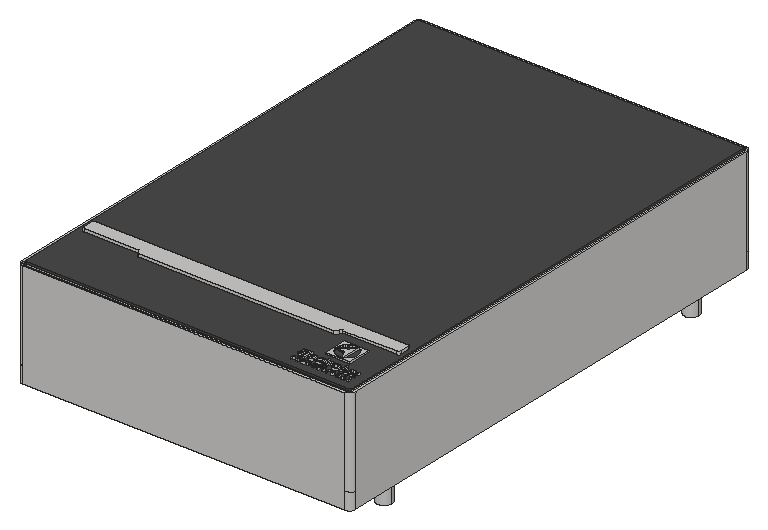
Revit family "QF_ELECTROLUXPROFESSIONAL_600877_E1HDEEOMCS", category Specialty Equipment, Revit 2018
Family settings
  Round Connector Dimension = Use Diameter
  Part Type = Normal
  Work Plane-Based = No
  Always vertical = Yes
  Cut with Voids When Loaded = No
  Shared = No
  Room Calculation Point = No
Parameters
  Watts = 0 W
  Volts = 0 V
  URL = ""
  Steam Supply Size = 0 mm
  Steam Supply Minimum Pressure = 0.0 Pa
  Steam Supply Maximum Pressure = 0.0 Pa
  Steam Pounds per Hour = 0
  Show logo [instance] = yes
  Manufacturer = ""
  Phase = 0
  Model = ""
  Item Number = ""
  Hot Water Size = 0 mm
  HP = "4.7 HP"
  Gas Size = 0 mm
  Gas KW = 0
  Direct Waste Size = 0 mm
  Description = ""
  Cycle = 0 Hz
  Condensate Return Size = 0 mm
  Compressed Air Volume = 0.0 L/s
  Compressed Air Size = 0 mm
  Compressed Air Pressure = 0.0 Pa
  Cold Water Size = 0 mm
Reference planes
  plane 1 "Centro (Fronte/Retro)": y = 74.737
  plane 2: z = 0
  plane 3: x = -514.269
  plane 4 "LEFT": x = -714.269
  plane 5 "RIGHT": x = -314.269
  plane 6 "BACK": y = 374.737
  plane 7 "FRONT": y = -225.263
  plane 8: x = -712.269
  plane 9: y = 372.737
  plane 10: x = -316.269
  plane 11: y = -223.263
  plane 12: y = -124.263
  plane 13: x = -698.269
  plane 14: x = -330.269
  plane 15: y = 304.737
  plane 16: y = -155.263
  plane 17: x = -442.269
  plane 18: y = 179.737
  plane 19: z = 764
Forms (mm)
  Extrusion 1, solid, material "QF_Finishes_Stainless Steel"
    sketch origin (0, 0, 788) x (1, 0, 0) y (0, 1, 0)
      loop
        arc (-707.269, 374.737) -> (-712.218, 372.687) -> (-714.269, 367.737) r 7
        line (-714.269, 367.737) -> (-714.269, -218.263)
        arc (-714.269, -218.263) -> (-712.218, -223.213) -> (-707.269, -225.263) r 7
        line (-707.269, -225.263) -> (-321.269, -225.263)
        arc (-321.269, -225.263) -> (-316.319, -223.213) -> (-314.269, -218.263) r 7
        line (-314.269, -218.263) -> (-314.269, 367.737)
        arc (-314.269, 367.737) -> (-316.319, 372.687) -> (-321.269, 374.737) r 7
        line (-321.269, 374.737) -> (-707.269, 374.737)
    from 0 to 20
  Extrusion 2, solid, material "QF_Finishes_Stainless Steel"
    sketch origin (0, 0, 788) x (1, 0, 0) y (0, 1, 0)
      loop
        line (-321.269, 374.737) -> (-707.269, 374.737)
        arc (-707.269, 374.737) -> (-712.218, 372.687) -> (-714.269, 367.737) r 7
        line (-714.269, 367.737) -> (-714.269, -218.263)
        arc (-714.269, -218.263) -> (-712.218, -223.213) -> (-707.269, -225.263) r 7
        line (-707.269, -225.263) -> (-321.269, -225.263)
        arc (-321.269, -225.263) -> (-316.319, -223.213) -> (-314.269, -218.263) r 7
        line (-314.269, -218.263) -> (-314.269, 367.737)
        arc (-314.269, 367.737) -> (-316.319, 372.687) -> (-321.269, 374.737) r 7
      loop
        arc (-707.269, 372.737) -> (-710.804, 371.273) -> (-712.269, 367.737) r 5
        line (-712.269, 367.737) -> (-712.269, -218.263)
        arc (-712.269, -218.263) -> (-710.804, -221.798) -> (-707.269, -223.263) r 5
        line (-707.269, -223.263) -> (-321.269, -223.263)
        arc (-321.269, -223.263) -> (-317.733, -221.798) -> (-316.269, -218.263) r 5
        line (-316.269, -218.263) -> (-316.269, 367.737)
        arc (-316.269, 367.737) -> (-317.733, 371.273) -> (-321.269, 372.737) r 5
        line (-321.269, 372.737) -> (-707.269, 372.737)
    from 20 to 126
  Extrusion 3, solid, material "QF_Finishes_Black"
    sketch origin (0, 0, 914) x (-1, 0, 0) y (0, -1, 0)
      loop
        arc (707.269, -369.737) -> (708.683, -369.151) -> (709.269, -367.737) r 2
        line (709.269, -367.737) -> (709.269, 218.263)
        arc (709.269, 218.263) -> (708.683, 219.677) -> (707.269, 220.263) r 2
        line (707.269, 220.263) -> (321.269, 220.263)
        arc (321.269, 220.263) -> (319.854, 219.677) -> (319.269, 218.263) r 2
        line (319.269, 218.263) -> (319.269, -367.737)
        arc (319.269, -367.737) -> (319.854, -369.151) -> (321.269, -369.737) r 2
        line (321.269, -369.737) -> (707.269, -369.737)
    from 0 to 2
  Extrusion 4, solid, material "QF_Finishes_Stainless Steel"
    sketch origin (0, 0, 914) x (-1, 0, 0) y (0, -1, 0)
      loop
        arc (701.269, 124.263) -> (703.39, 125.142) -> (704.269, 127.263) r 3
        line (704.269, 127.263) -> (704.269, 137.763)
        arc (704.269, 137.763) -> (703.39, 139.884) -> (701.269, 140.763) r 3
        line (701.269, 140.763) -> (637.269, 140.763)
        arc (637.269, 140.763) -> (635.147, 141.642) -> (634.269, 143.763) r 3
        arc (634.269, 143.763) -> (633.39, 145.884) -> (631.269, 146.763) r 3
        line (631.269, 146.763) -> (397.269, 146.763)
        arc (397.269, 146.763) -> (395.147, 145.884) -> (394.269, 143.763) r 3
        arc (394.269, 143.763) -> (393.39, 141.642) -> (391.269, 140.763) r 3
        line (391.269, 140.763) -> (327.269, 140.763)
        arc (327.269, 140.763) -> (325.147, 139.884) -> (324.269, 137.763) r 3
        line (324.269, 137.763) -> (324.269, 127.263)
        arc (324.269, 127.263) -> (325.147, 125.142) -> (327.269, 124.263) r 3
        line (327.269, 124.263) -> (701.269, 124.263)
    from 2 to 5
  Extrusion 5, solid, material "QF_Finishes_Stainless Steel"
    sketch origin (0, 0, 140) x (-1, 0, 0) y (0, -1, 0)
      loop
        circle (698.269, -304.737) r 9
      loop
        circle (330.269, -304.737) r 9
      loop
        circle (698.269, 155.263) r 9
      loop
        circle (330.269, 155.263) r 9
    from 624 to 648
  Extrusion 6, solid, material "QF_Finishes_Stainless Steel"
    sketch origin (0, 0, 140) x (-1, 0, 0) y (0, -1, 0)
      loop
        circle (442.269, -179.737) r 10
    from 638.028 to 648
Cuts and joins
  joined: Extrusion 1, Extrusion 2
Lines and regions (mm)
  Split face 1
    outline origin (0, 0, 916) x (-1, 0, 0) y (0, -1, 0)
      loop
        line (324.269, 124.263) -> (324.269, -364.737) -> (704.269, -364.737) -> (704.269, 124.263) -> (324.269, 124.263)
  Split face 2
    outline origin (0, 0, 916) x (-1, 0, 0) y (0, -1, 0)
      loop
        circle (514.269, -120.237) r 139
  symbolic lines
    curve 1: line (-321.269, 374.737, 126) -> (-707.269, 374.737, 126)
    curve 2: arc (-707.269, 374.737, 126) -> (-712.218, 372.687, 126) -> (-714.269, 367.737, 126) r 7
    curve 3: line (-714.269, 367.737, 126) -> (-714.269, -218.263, 126)
    curve 4: arc (-714.269, -218.263, 126) -> (-712.218, -223.213, 126) -> (-707.269, -225.263, 126) r 7
    curve 5: line (-707.269, -225.263, 126) -> (-321.269, -225.263, 126)
    curve 6: arc (-321.269, -225.263, 126) -> (-316.319, -223.213, 126) -> (-314.269, -218.263, 126) r 7
    curve 7: line (-314.269, -218.263, 126) -> (-314.269, 367.737, 126)
    curve 8: arc (-314.269, 367.737, 126) -> (-316.319, 372.687, 126) -> (-321.269, 374.737, 126) r 7
    curve 9: line (-707.269, 372.737, 126) -> (-321.269, 372.737, 126)
    curve 10: arc (-321.269, 372.737, 126) -> (-317.733, 371.273, 126) -> (-316.269, 367.737, 126) r 5
    curve 11: line (-316.269, 367.737, 126) -> (-316.269, -218.263, 126)
    curve 12: arc (-316.269, -218.263, 126) -> (-317.733, -221.798, 126) -> (-321.269, -223.263, 126) r 5
    curve 13: line (-321.269, -223.263, 126) -> (-707.269, -223.263, 126)
    curve 14: arc (-707.269, -223.263, 126) -> (-710.804, -221.798, 126) -> (-712.269, -218.263, 126) r 5
    curve 15: line (-712.269, -218.263, 126) -> (-712.269, 367.737, 126)
    curve 16: arc (-712.269, 367.737, 126) -> (-710.804, 371.273, 126) -> (-707.269, 372.737, 126) r 5
    curve 17: arc (-375.269, 120.237, 126) -> (-514.269, 259.237, 126) -> (-653.269, 120.237, 126) r 139
    curve 18: arc (-653.269, 120.237, 126) -> (-514.269, -18.763, 126) -> (-375.269, 120.237, 126) r 139
    curve 19: line (-631.269, -146.763, 126) -> (-397.269, -146.763, 126)
    curve 20: arc (-397.269, -146.763, 126) -> (-395.147, -145.884, 126) -> (-394.269, -143.763, 126) r 3
    curve 21: arc (-394.269, -143.763, 126) -> (-393.39, -141.642, 126) -> (-391.269, -140.763, 126) r 3
    curve 22: line (-391.269, -140.763, 126) -> (-327.269, -140.763, 126)
    curve 23: arc (-327.269, -140.763, 126) -> (-325.147, -139.884, 126) -> (-324.269, -137.763, 126) r 3
    curve 24: line (-324.269, -137.763, 126) -> (-324.269, -127.263, 126)
    curve 25: arc (-324.269, -127.263, 126) -> (-325.147, -125.142, 126) -> (-327.269, -124.263, 126) r 3
    curve 26: line (-324.269, -124.263, 126) -> (-704.269, -124.263, 126)
    curve 27: arc (-701.269, -124.263, 126) -> (-703.39, -125.142, 126) -> (-704.269, -127.263, 126) r 3
    curve 28: line (-704.269, -127.263, 126) -> (-704.269, -137.763, 126)
    curve 29: arc (-704.269, -137.763, 126) -> (-703.39, -139.884, 126) -> (-701.269, -140.763, 126) r 3
    curve 30: line (-701.269, -140.763, 126) -> (-637.269, -140.763, 126)
    curve 31: arc (-637.269, -140.763, 126) -> (-635.147, -141.642, 126) -> (-634.269, -143.763, 126) r 3
    curve 32: arc (-634.269, -143.763, 126) -> (-633.39, -145.884, 126) -> (-631.269, -146.763, 126) r 3
    curve 33: line (-704.269, 364.737, 126) -> (-704.269, -124.263, 126)
    curve 34: line (-324.269, -124.263, 126) -> (-324.269, 364.737, 126)
    curve 35: line (-324.269, 364.737, 126) -> (-704.269, 364.737, 126)
    curve 36: line (-319.269, -218.263, 126) -> (-319.269, 367.737, 126)
    curve 37: arc (-319.269, 367.737, 126) -> (-319.854, 369.151, 126) -> (-321.269, 369.737, 126) r 2
    curve 38: line (-321.269, 369.737, 126) -> (-707.269, 369.737, 126)
    curve 39: arc (-707.269, 369.737, 126) -> (-708.683, 369.151, 126) -> (-709.269, 367.737, 126) r 2
    curve 40: line (-709.269, 367.737, 126) -> (-709.269, -218.263, 126)
    curve 41: arc (-709.269, -218.263, 126) -> (-708.683, -219.677, 126) -> (-707.269, -220.263, 126) r 2
    curve 42: line (-707.269, -220.263, 126) -> (-321.269, -220.263, 126)
    curve 43: arc (-321.269, -220.263, 126) -> (-319.854, -219.677, 126) -> (-319.269, -218.263, 126) r 2
    curve 44: line (-378.626, -153.452, 126) -> (-378.626, -182.168, 126)
    curve 45: line (-378.626, -182.168, 126) -> (-349.912, -182.168, 126)
    curve 46: line (-349.912, -182.168, 126) -> (-349.912, -153.452, 126)
    curve 47: line (-349.912, -153.452, 126) -> (-378.626, -153.452, 126)
    curve 48: line (-375.841, -162.424, 126) -> (-375.07, -161.023, 126)
    curve 49: line (-375.07, -161.023, 126) -> (-374.141, -159.732, 126)
    curve 50: line (-374.141, -159.732, 126) -> (-373.065, -158.564, 126)
    curve 51: line (-373.065, -158.564, 126) -> (-371.856, -157.535, 126)
    curve 52: line (-371.856, -157.535, 126) -> (-370.527, -156.661, 126)
    curve 53: line (-370.527, -156.661, 126) -> (-369.091, -155.954, 126)
    curve 54: line (-369.091, -155.954, 126) -> (-367.562, -155.431, 126)
    curve 55: line (-367.562, -155.431, 126) -> (-365.952, -155.107, 126)
    curve 56: arc (-365.952, -155.107, 126) -> (-363.752, -155.007, 126) -> (-361.567, -155.279, 126) r 13.008
    curve 57: arc (-361.567, -155.279, 126) -> (-361.815, -157.647, 126) -> (-362.651, -159.876, 126) r 9.395
    curve 58: line (-362.651, -159.876, 126) -> (-363.438, -161.245, 126)
    curve 59: line (-363.438, -161.245, 126) -> (-364.403, -162.507, 126)
    curve 60: line (-364.403, -162.507, 126) -> (-365.524, -163.648, 126)
    curve 61: line (-365.524, -163.648, 126) -> (-366.781, -164.654, 126)
    curve 62: line (-366.781, -164.654, 126) -> (-368.151, -165.509, 126)
    curve 63: line (-368.151, -165.509, 126) -> (-369.615, -166.2, 126)
    curve 64: line (-369.615, -166.2, 126) -> (-371.15, -166.712, 126)
    curve 65: line (-371.15, -166.712, 126) -> (-372.736, -167.029, 126)
    curve 66: line (-372.736, -167.029, 126) -> (-374.352, -167.138, 126)
    curve 67: line (-374.352, -167.138, 126) -> (-377.067, -167.138, 126)
    curve 68: line (-377.067, -167.138, 126) -> (-376.852, -165.495, 126)
    curve 69: line (-376.852, -165.495, 126) -> (-376.439, -163.92, 126)
    curve 70: line (-376.439, -163.92, 126) -> (-375.841, -162.424, 126)
    curve 71: line (-360.221, -179.969, 126) -> (-360.221, -155.646, 126)
    curve 72: line (-360.221, -155.646, 126) -> (-358.743, -156.237, 126)
    curve 73: line (-358.743, -156.237, 126) -> (-357.363, -157.003, 126)
    curve 74: line (-357.363, -157.003, 126) -> (-356.095, -157.931, 126)
    curve 75: line (-356.095, -157.931, 126) -> (-354.951, -159.007, 126)
    curve 76: line (-354.951, -159.007, 126) -> (-353.945, -160.217, 126)
    curve 77: line (-353.945, -160.217, 126) -> (-353.092, -161.548, 126)
    curve 78: line (-353.092, -161.548, 126) -> (-352.403, -162.986, 126)
    curve 79: line (-352.403, -162.986, 126) -> (-351.894, -164.517, 126)
    curve 80: line (-351.894, -164.517, 126) -> (-351.576, -166.128, 126)
    curve 81: line (-351.576, -166.128, 126) -> (-351.464, -167.804, 126)
    curve 82: line (-351.464, -167.804, 126) -> (-351.567, -169.456, 126)
    curve 83: line (-351.567, -169.456, 126) -> (-351.873, -171.047, 126)
    curve 84: line (-351.873, -171.047, 126) -> (-352.372, -172.563, 126)
    curve 85: line (-352.372, -172.563, 126) -> (-353.05, -173.992, 126)
    curve 86: line (-353.05, -173.992, 126) -> (-353.897, -175.319, 126)
    curve 87: line (-353.897, -175.319, 126) -> (-354.899, -176.532, 126)
    curve 88: line (-354.899, -176.532, 126) -> (-356.044, -177.617, 126)
    curve 89: line (-356.044, -177.617, 126) -> (-357.321, -178.56, 126)
    curve 90: line (-357.321, -178.56, 126) -> (-358.718, -179.349, 126)
    curve 91: line (-358.718, -179.349, 126) -> (-360.221, -179.969, 126)
    curve 92: line (-369.613, -169.43, 126) -> (-368.15, -170.12, 126)
    curve 93: line (-368.15, -170.12, 126) -> (-366.78, -170.975, 126)
    curve 94: line (-366.78, -170.975, 126) -> (-365.524, -171.98, 126)
    curve 95: line (-365.524, -171.98, 126) -> (-364.403, -173.12, 126)
    curve 96: line (-364.403, -173.12, 126) -> (-363.439, -174.381, 126)
    curve 97: line (-363.439, -174.381, 126) -> (-362.652, -175.748, 126)
    curve 98: arc (-362.652, -175.748, 126) -> (-361.85, -177.982, 126) -> (-361.568, -180.34, 126) r 10.532
    curve 99: arc (-361.568, -180.34, 126) -> (-362.906, -180.548, 126) -> (-364.258, -180.63, 126) r 14.39
    curve 100: line (-364.258, -180.63, 126) -> (-365.828, -180.532, 126)
    curve 101: line (-365.828, -180.532, 126) -> (-367.331, -180.252, 126)
    curve 102: line (-367.331, -180.252, 126) -> (-368.77, -179.801, 126)
    curve 103: line (-368.77, -179.801, 126) -> (-370.134, -179.191, 126)
    curve 104: line (-370.134, -179.191, 126) -> (-371.411, -178.434, 126)
    curve 105: line (-371.411, -178.434, 126) -> (-372.589, -177.541, 126)
    curve 106: line (-372.589, -177.541, 126) -> (-373.656, -176.525, 126)
    curve 107: line (-373.656, -176.525, 126) -> (-374.6, -175.397, 126)
    curve 108: line (-374.6, -175.397, 126) -> (-375.41, -174.168, 126)
    curve 109: line (-375.41, -174.168, 126) -> (-376.073, -172.852, 126)
    curve 110: line (-376.073, -172.852, 126) -> (-376.579, -171.46, 126)
    curve 111: line (-376.579, -171.46, 126) -> (-376.915, -170.003, 126)
    curve 112: line (-376.915, -170.003, 126) -> (-377.069, -168.493, 126)
    curve 113: line (-377.069, -168.493, 126) -> (-374.35, -168.493, 126)
    curve 114: line (-374.35, -168.493, 126) -> (-372.734, -168.602, 126)
    curve 115: line (-372.734, -168.602, 126) -> (-371.148, -168.919, 126)
    curve 116: line (-371.148, -168.919, 126) -> (-369.613, -169.43, 126)
    curve 117: arc (-399.495, -197.154, 126) -> (-398.466, -199.638, 126) -> (-395.982, -200.667, 126) r 3.513
    curve 118: line (-395.982, -200.667, 126) -> (-392.408, -200.667, 126)
    curve 119: line (-392.408, -200.667, 126) -> (-392.408, -198.85, 126)
    curve 120: line (-392.408, -198.85, 126) -> (-395.966, -198.85, 126)
    curve 121: arc (-395.966, -198.85, 126) -> (-397.094, -198.382, 126) -> (-397.562, -197.254, 126) r 1.596
    curve 122: line (-397.562, -197.254, 126) -> (-397.562, -195.74, 126)
    curve 123: line (-397.562, -195.74, 126) -> (-392.843, -195.74, 126)
    curve 124: line (-392.843, -195.74, 126) -> (-392.843, -193.917, 126)
    curve 125: line (-392.843, -193.917, 126) -> (-397.563, -193.917, 126)
    curve 126: line (-397.563, -193.917, 126) -> (-397.563, -191.264, 126)
    curve 127: line (-397.563, -191.264, 126) -> (-392.542, -191.264, 126)
    curve 128: line (-392.542, -191.264, 126) -> (-392.542, -189.445, 126)
    curve 129: line (-392.542, -189.445, 126) -> (-399.495, -189.445, 126)
    curve 130: line (-399.495, -189.445, 126) -> (-399.495, -193.353, 126)
    curve 131: line (-399.495, -193.353, 126) -> (-399.495, -197.154, 126)
    curve 132: line (-389.101, -189.455, 126) -> (-391.035, -189.455, 126)
    curve 133: line (-391.035, -189.455, 126) -> (-391.035, -194.76, 126)
    curve 134: line (-391.035, -194.76, 126) -> (-391.035, -200.681, 126)
    curve 135: line (-391.035, -200.681, 126) -> (-389.101, -200.681, 126)
    curve 136: line (-389.101, -200.681, 126) -> (-389.101, -194.721, 126)
    curve 137: line (-389.101, -194.721, 126) -> (-389.101, -189.455, 126)
    curve 138: arc (-380.394, -193.787, 126) -> (-383.654, -192.313, 126) -> (-386.913, -193.787, 126) r 4.34
    curve 139: arc (-386.913, -193.787, 126) -> (-387.819, -196.606, 126) -> (-386.913, -199.425, 126) r 4.838
    curve 140: arc (-386.913, -199.425, 126) -> (-383.498, -200.88, 126) -> (-380.082, -199.425, 126) r 4.737
    curve 141: line (-380.082, -199.425, 126) -> (-381.246, -198.293, 126)
    curve 142: arc (-381.246, -198.293, 126) -> (-383.382, -199.237, 126) -> (-385.517, -198.293, 126) r 2.888
    curve 143: arc (-385.517, -198.293, 126) -> (-385.841, -197.736, 126) -> (-385.905, -197.095, 126) r 1.527
    curve 144: line (-385.905, -197.095, 126) -> (-379.564, -197.095, 126)
    curve 145: arc (-379.564, -197.095, 126) -> (-379.672, -195.364, 126) -> (-380.394, -193.787, 126) r 4.757
    curve 146: line (-381.505, -195.736, 126) -> (-385.858, -195.736, 126)
    curve 147: arc (-385.858, -195.736, 126) -> (-385.043, -194.411, 126) -> (-383.56, -193.941, 126) r 2.23
    curve 148: arc (-383.56, -193.941, 126) -> (-382.221, -194.482, 126) -> (-381.505, -195.736, 126) r 2.201
    curve 149: arc (-372.029, -198.26, 126) -> (-376.639, -196.593, 126) -> (-372.029, -194.927, 126) r 2.606
    curve 150: line (-372.029, -194.927, 126) -> (-370.832, -193.681, 126)
    curve 151: arc (-370.832, -193.681, 126) -> (-378.564, -196.594, 126) -> (-370.832, -199.507, 126) r 4.415
    curve 152: line (-370.832, -199.507, 126) -> (-372.029, -198.26, 126)
    curve 153: line (-369.629, -193.481, 126) -> (-369.629, -197.299, 126)
    curve 154: arc (-369.629, -197.299, 126) -> (-368.592, -199.893, 126) -> (-365.911, -200.681, 126) r 3.196
    curve 155: line (-365.911, -200.681, 126) -> (-365.904, -198.864, 126)
    curve 156: arc (-365.904, -198.864, 126) -> (-367.239, -198.457, 126) -> (-367.699, -197.14, 126) r 1.542
    curve 157: line (-367.699, -197.14, 126) -> (-367.699, -194.319, 126)
    curve 158: line (-367.699, -194.319, 126) -> (-365.94, -194.319, 126)
    curve 159: line (-365.94, -194.319, 126) -> (-365.94, -192.562, 126)
    curve 160: line (-365.94, -192.562, 126) -> (-367.696, -192.562, 126)
    curve 161: line (-367.696, -192.562, 126) -> (-367.696, -189.455, 126)
    curve 162: line (-367.696, -189.455, 126) -> (-369.629, -189.455, 126)
    curve 163: line (-369.629, -189.455, 126) -> (-369.629, -193.481, 126)
    curve 164: arc (-359.402, -192.451, 126) -> (-361.13, -192.587, 126) -> (-362.397, -193.771, 126) r 2.627
    curve 165: line (-362.397, -193.771, 126) -> (-362.397, -192.563, 126)
    curve 166: line (-362.397, -192.563, 126) -> (-364.315, -192.563, 126)
    curve 167: line (-364.315, -192.563, 126) -> (-364.315, -196.541, 126)
    curve 168: line (-364.315, -196.541, 126) -> (-364.315, -200.681, 126)
    curve 169: line (-364.315, -200.681, 126) -> (-362.397, -200.681, 126)
    curve 170: line (-362.397, -200.681, 126) -> (-362.397, -196.412, 126)
    curve 171: arc (-362.397, -196.412, 126) -> (-361.445, -194.585, 126) -> (-359.402, -194.319, 126) r 2.229
    curve 172: line (-359.402, -194.319, 126) -> (-359.402, -192.451, 126)
    curve 173: arc (-350.248, -196.625, 126) -> (-354.668, -192.205, 126) -> (-359.088, -196.625, 126) r 4.42
    curve 174: arc (-359.088, -196.625, 126) -> (-354.668, -201.046, 126) -> (-350.248, -196.625, 126) r 4.42
    curve 175: arc (-357.176, -196.625, 126) -> (-354.668, -194.117, 126) -> (-352.16, -196.625, 126) r 2.508
    curve 176: arc (-352.16, -196.625, 126) -> (-354.668, -199.134, 126) -> (-357.176, -196.625, 126) r 2.508
    curve 177: line (-347.124, -189.454, 126) -> (-349.058, -189.454, 126)
    curve 178: line (-349.058, -189.454, 126) -> (-349.058, -194.566, 126)
    curve 179: line (-349.058, -194.566, 126) -> (-349.058, -200.682, 126)
    curve 180: line (-349.058, -200.682, 126) -> (-347.124, -200.682, 126)
    curve 181: line (-347.124, -200.682, 126) -> (-347.124, -194.643, 126)
    curve 182: line (-347.124, -194.643, 126) -> (-347.124, -189.454, 126)
    curve 183: line (-343.697, -192.562, 126) -> (-345.646, -192.562, 126)
    curve 184: line (-345.646, -192.562, 126) -> (-345.646, -194.915, 126)
    curve 185: line (-345.646, -194.915, 126) -> (-345.646, -197.715, 126)
    curve 186: arc (-345.646, -197.715, 126) -> (-341.931, -201.044, 126) -> (-338.204, -197.728, 126) r 3.745
    curve 187: line (-338.204, -197.728, 126) -> (-338.204, -194.915, 126)
    curve 188: line (-338.204, -194.915, 126) -> (-338.204, -192.562, 126)
    curve 189: line (-338.204, -192.562, 126) -> (-340.152, -192.562, 126)
    curve 190: line (-340.152, -192.562, 126) -> (-340.152, -197.299, 126)
    curve 191: arc (-340.152, -197.299, 126) -> (-341.925, -199.071, 126) -> (-343.697, -197.299, 126) r 1.772
    curve 192: line (-343.697, -197.299, 126) -> (-343.697, -192.562, 126)
    curve 193: line (-334.237, -196.397, 126) -> (-335.916, -198.735, 126)
    curve 194: line (-335.916, -198.735, 126) -> (-337.313, -200.682, 126)
    curve 195: line (-337.313, -200.682, 126) -> (-335.235, -200.682, 126)
    curve 196: line (-335.235, -200.682, 126) -> (-333.174, -197.813, 126)
    curve 197: line (-333.174, -197.813, 126) -> (-331.112, -200.682, 126)
    curve 198: line (-331.112, -200.682, 126) -> (-329.034, -200.682, 126)
    curve 199: line (-329.034, -200.682, 126) -> (-330.891, -198.085, 126)
    curve 200: line (-330.891, -198.085, 126) -> (-332.11, -196.38, 126)
    curve 201: line (-332.11, -196.38, 126) -> (-330.601, -194.325, 126)
    curve 202: line (-330.601, -194.325, 126) -> (-329.308, -192.563, 126)
    curve 203: line (-329.308, -192.563, 126) -> (-331.418, -192.563, 126)
    curve 204: line (-331.418, -192.563, 126) -> (-333.174, -194.995, 126)
    curve 205: line (-333.174, -194.995, 126) -> (-334.946, -192.563, 126)
    curve 206: line (-334.946, -192.563, 126) -> (-337.039, -192.563, 126)
    curve 207: line (-337.039, -192.563, 126) -> (-335.839, -194.205, 126)
    curve 208: line (-335.839, -194.205, 126) -> (-334.237, -196.397, 126)
    curve 209: line (-399.467, -205.699, 126) -> (-399.467, -209.59, 126)
    curve 210: line (-399.467, -209.59, 126) -> (-398.667, -209.59, 126)
    curve 211: line (-398.667, -209.59, 126) -> (-398.667, -208.271, 126)
    curve 212: line (-398.667, -208.271, 126) -> (-397.697, -208.271, 126)
    curve 213: arc (-397.697, -208.271, 126) -> (-396.674, -206.863, 126) -> (-397.967, -205.699, 126) r 1.3
    curve 214: line (-397.967, -205.699, 126) -> (-399.467, -205.699, 126)
    curve 215: line (-398.667, -207.52, 126) -> (-398.667, -206.434, 126)
    curve 216: line (-398.667, -206.434, 126) -> (-397.861, -206.434, 126)
    curve 217: arc (-397.861, -206.434, 126) -> (-397.461, -206.977, 126) -> (-397.861, -207.52, 126) r 0.569
    curve 218: line (-397.861, -207.52, 126) -> (-398.667, -207.52, 126)
    curve 219: line (-393.389, -205.699, 126) -> (-393.389, -209.59, 126)
    curve 220: line (-393.389, -209.59, 126) -> (-392.589, -209.59, 126)
    curve 221: line (-392.589, -209.59, 126) -> (-392.589, -208.249, 126)
    curve 222: line (-392.589, -208.249, 126) -> (-391.763, -208.249, 126)
    curve 223: line (-391.763, -208.249, 126) -> (-390.957, -209.59, 126)
    curve 224: line (-390.957, -209.59, 126) -> (-390.05, -209.59, 126)
    curve 225: line (-390.05, -209.59, 126) -> (-391.058, -207.929, 126)
    curve 226: arc (-391.058, -207.929, 126) -> (-390.677, -206.531, 126) -> (-391.863, -205.699, 126) r 1.26
    curve 227: line (-391.863, -205.699, 126) -> (-393.389, -205.699, 126)
    curve 228: line (-392.589, -207.52, 126) -> (-392.589, -206.434, 126)
    curve 229: line (-392.589, -206.434, 126) -> (-391.782, -206.434, 126)
    curve 230: arc (-391.782, -206.434, 126) -> (-391.383, -206.977, 126) -> (-391.782, -207.52, 126) r 0.569
    curve 231: line (-391.782, -207.52, 126) -> (-392.589, -207.52, 126)
    curve 232: arc (-386.695, -207.668, 126) -> (-385.407, -206.38, 126) -> (-384.119, -207.668, 126) r 1.288
    curve 233: arc (-384.119, -207.668, 126) -> (-385.407, -208.956, 126) -> (-386.695, -207.668, 126) r 1.288
    curve 234: arc (-383.342, -207.668, 126) -> (-385.407, -205.603, 126) -> (-387.472, -207.668, 126) r 2.065
    curve 235: arc (-387.472, -207.668, 126) -> (-385.407, -209.733, 126) -> (-383.342, -207.668, 126) r 2.065
    curve 236: line (-379.969, -205.699, 126) -> (-379.969, -209.59, 126)
    curve 237: line (-379.969, -209.59, 126) -> (-379.169, -209.59, 126)
    curve 238: line (-379.169, -209.59, 126) -> (-379.169, -208.099, 126)
    curve 239: line (-379.169, -208.099, 126) -> (-377.704, -208.099, 126)
    curve 240: line (-377.704, -208.099, 126) -> (-377.704, -207.299, 126)
    curve 241: line (-377.704, -207.299, 126) -> (-379.169, -207.299, 126)
    curve 242: line (-379.169, -207.299, 126) -> (-379.169, -206.499, 126)
    curve 243: line (-379.169, -206.499, 126) -> (-377.564, -206.499, 126)
    curve 244: line (-377.564, -206.499, 126) -> (-377.564, -205.699, 126)
    curve 245: line (-377.564, -205.699, 126) -> (-379.969, -205.699, 126)
    curve 246: line (-374.264, -205.699, 126) -> (-374.264, -208.344, 126)
    curve 247: arc (-374.264, -208.344, 126) -> (-373.899, -209.225, 126) -> (-373.017, -209.59, 126) r 1.246
    curve 248: line (-373.017, -209.59, 126) -> (-371.761, -209.59, 126)
    curve 249: line (-371.761, -209.59, 126) -> (-371.761, -208.79, 126)
    curve 250: line (-371.761, -208.79, 126) -> (-372.922, -208.79, 126)
    curve 251: arc (-372.922, -208.79, 126) -> (-373.361, -208.576, 126) -> (-373.464, -208.099, 126) r 0.558
    curve 252: line (-373.464, -208.099, 126) -> (-371.907, -208.099, 126)
    curve 253: line (-371.907, -208.099, 126) -> (-371.907, -207.299, 126)
    curve 254: line (-371.907, -207.299, 126) -> (-373.464, -207.299, 126)
    curve 255: line (-373.464, -207.299, 126) -> (-373.464, -206.499, 126)
    curve 256: line (-373.464, -206.499, 126) -> (-371.799, -206.499, 126)
    curve 257: line (-371.799, -206.499, 126) -> (-371.799, -205.699, 126)
    curve 258: line (-371.799, -205.699, 126) -> (-374.264, -205.699, 126)
    curve 259: arc (-368.711, -208.718, 126) -> (-367.818, -209.538, 126) -> (-366.606, -209.568, 126) r 1.725
    curve 260: arc (-366.606, -209.568, 126) -> (-365.785, -208.793, 126) -> (-366.071, -207.702, 126) r 1.107
    curve 261: arc (-366.071, -207.702, 126) -> (-366.648, -207.348, 126) -> (-367.264, -207.067, 126) r 5.523
    curve 262: arc (-367.264, -207.067, 126) -> (-367.604, -206.55, 126) -> (-367.043, -206.293, 126) r 0.407
    curve 263: arc (-367.043, -206.293, 126) -> (-366.706, -206.498, 126) -> (-366.425, -206.775, 126) r 1.702
    curve 264: line (-366.425, -206.775, 126) -> (-365.74, -206.363, 126)
    curve 265: arc (-365.74, -206.363, 126) -> (-366.172, -205.902, 126) -> (-366.708, -205.566, 126) r 2.463
    curve 266: arc (-366.708, -205.566, 126) -> (-368.378, -206.347, 126) -> (-367.331, -207.864, 126) r 1.207
    curve 267: line (-367.331, -207.864, 126) -> (-366.868, -208.812, 126)
    curve 268: arc (-366.868, -208.812, 126) -> (-367.513, -208.798, 126) -> (-367.991, -208.367, 126) r 0.925
    curve 269: line (-367.991, -208.367, 126) -> (-368.711, -208.718, 126)
    curve 270: arc (-362.851, -208.718, 126) -> (-361.958, -209.538, 126) -> (-360.746, -209.568, 126) r 1.725
    curve 271: arc (-360.746, -209.568, 126) -> (-359.926, -208.793, 126) -> (-360.211, -207.702, 126) r 1.107
    curve 272: arc (-360.211, -207.702, 126) -> (-360.788, -207.348, 126) -> (-361.405, -207.067, 126) r 5.523
    curve 273: arc (-361.405, -207.067, 126) -> (-361.745, -206.55, 126) -> (-361.183, -206.293, 126) r 0.407
    curve 274: arc (-361.183, -206.293, 126) -> (-360.846, -206.498, 126) -> (-360.566, -206.775, 126) r 1.702
    curve 275: line (-360.566, -206.775, 126) -> (-359.88, -206.363, 126)
    curve 276: arc (-359.88, -206.363, 126) -> (-360.313, -205.902, 126) -> (-360.848, -205.566, 126) r 2.463
    curve 277: arc (-360.848, -205.566, 126) -> (-362.518, -206.347, 126) -> (-361.471, -207.864, 126) r 1.207
    curve 278: line (-361.471, -207.864, 126) -> (-361.009, -208.812, 126)
    curve 279: arc (-361.009, -208.812, 126) -> (-361.653, -208.798, 126) -> (-362.132, -208.367, 126) r 0.925
    curve 280: line (-362.132, -208.367, 126) -> (-362.851, -208.718, 126)
    curve 281: line (-356.591, -209.59, 126) -> (-355.791, -209.59, 126)
    curve 282: line (-355.791, -209.59, 126) -> (-355.791, -205.699, 126)
    curve 283: line (-355.791, -205.699, 126) -> (-356.591, -205.699, 126)
    curve 284: line (-356.591, -205.699, 126) -> (-356.591, -209.59, 126)
    curve 285: arc (-352.472, -207.668, 126) -> (-350.407, -209.733, 126) -> (-348.342, -207.668, 126) r 2.065
    curve 286: arc (-348.342, -207.668, 126) -> (-350.407, -205.603, 126) -> (-352.472, -207.668, 126) r 2.065
    curve 287: arc (-351.695, -207.668, 126) -> (-350.407, -206.38, 126) -> (-349.119, -207.668, 126) r 1.288
    curve 288: arc (-349.119, -207.668, 126) -> (-350.407, -208.956, 126) -> (-351.695, -207.668, 126) r 1.288
    curve 289: line (-345.051, -205.699, 126) -> (-345.051, -209.59, 126)
    curve 290: line (-345.051, -209.59, 126) -> (-344.221, -209.59, 126)
    curve 291: line (-344.221, -209.59, 126) -> (-344.221, -207.143, 126)
    curve 292: line (-344.221, -207.143, 126) -> (-342.441, -209.59, 126)
    curve 293: line (-342.441, -209.59, 126) -> (-341.641, -209.59, 126)
    curve 294: line (-341.641, -209.59, 126) -> (-341.641, -205.699, 126)
    curve 295: line (-341.641, -205.699, 126) -> (-342.471, -205.699, 126)
    curve 296: line (-342.471, -205.699, 126) -> (-342.471, -208.219, 126)
    curve 297: line (-342.471, -208.219, 126) -> (-344.251, -205.699, 126)
    curve 298: line (-344.251, -205.699, 126) -> (-345.051, -205.699, 126)
    curve 299: line (-336.895, -205.7, 126) -> (-338.488, -209.59, 126)
    curve 300: line (-338.488, -209.59, 126) -> (-337.629, -209.59, 126)
    curve 301: line (-337.629, -209.59, 126) -> (-337.25, -208.75, 126)
    curve 302: line (-337.25, -208.75, 126) -> (-335.811, -208.75, 126)
    curve 303: line (-335.811, -208.75, 126) -> (-335.432, -209.59, 126)
    curve 304: line (-335.432, -209.59, 126) -> (-334.574, -209.59, 126)
    curve 305: line (-334.574, -209.59, 126) -> (-336.095, -205.7, 126)
    curve 306: line (-336.095, -205.7, 126) -> (-336.895, -205.7, 126)
    curve 307: line (-336.947, -207.983, 126) -> (-336.529, -206.965, 126)
    curve 308: line (-336.529, -206.965, 126) -> (-336.131, -207.983, 126)
    curve 309: line (-336.131, -207.983, 126) -> (-336.947, -207.983, 126)
    curve 310: line (-331.398, -205.699, 126) -> (-331.398, -209.59, 126)
    curve 311: line (-331.398, -209.59, 126) -> (-329.102, -209.59, 126)
    curve 312: line (-329.102, -209.59, 126) -> (-329.102, -208.79, 126)
    curve 313: line (-329.102, -208.79, 126) -> (-330.599, -208.79, 126)
    curve 314: line (-330.599, -208.79, 126) -> (-330.599, -205.699, 126)
    curve 315: line (-330.599, -205.699, 126) -> (-331.398, -205.699, 126)
Dimensions and locks
  equal spacing: plane 4 "LEFT", plane 3, plane 5 "RIGHT"
  plane 4 "LEFT" to plane 5 "RIGHT" = 400 mm
  equal spacing: plane 6 "BACK", plane 1 "Centro (Fronte/Retro)", plane 7 "FRONT"
  plane 6 "BACK" to plane 7 "FRONT" = 600 mm
  locked: plane 4 "LEFT" to plane 13 at 16
  locked: plane 14 to plane 5 "RIGHT" at 16
  locked: plane 6 "BACK" to plane 15 at 70
  locked: plane 16 to plane 7 "FRONT" at 70
  locked: plane 17 to plane 5 "RIGHT" at 128
  locked: plane 6 "BACK" to plane 18 at 195
  Extrusion 4 to Extrusion 5 = 155 mm
  plane 19 to level = 764 mm
  Extrusion 3 to cut or joined group of Extrusion 1, Extrusion 2 = 128 mm
  cut or joined group of Extrusion 1, Extrusion 2 to level = 914 mm
  aligned and locked: level to plane 2
  aligned and locked: Extrusion 5 to cut or joined group of Extrusion 1, Extrusion 2
Automatic sketch dimensions
  Extrusion 1 sketch curve to plane 4 "LEFT" = 0 mm
  Extrusion 1 sketch curve to plane 7 "FRONT" = 0 mm
  Extrusion 1 sketch curve to plane 6 "BACK" = 0 mm
  Extrusion 1 sketch curve to plane 5 "RIGHT" = 0 mm
  plane 8 to Extrusion 1 sketch curve = 5 mm  (x2)
  Extrusion 1 sketch curve to plane 10 = 5 mm  (x2)
  Extrusion 2 sketch curve to Extrusion 2 sketch curve = 0 mm  (x8)
  Extrusion 2 sketch curve to plane 4 "LEFT" = 0 mm
  Extrusion 2 sketch curve to plane 8 = 0 mm
  Extrusion 2 sketch curve to plane 6 "BACK" = 0 mm
  Extrusion 2 sketch curve to plane 7 "FRONT" = 0 mm
  Extrusion 2 sketch curve to plane 10 = 0 mm
  Extrusion 2 sketch curve to Extrusion 2 sketch curve = 5 mm  (x2)
  Extrusion 2 sketch curve to plane 10 = 5 mm  (x2)
  Extrusion 3 sketch curve to plane 10 = 3 mm
  Extrusion 3 sketch curve to Extrusion 3 sketch curve = 2 mm  (x3)
  plane 8 to Extrusion 3 sketch curve = 5 mm  (x2)
  Extrusion 3 sketch curve to plane 9 = 3 mm
  plane 11 to Extrusion 3 sketch curve = 5 mm
  Extrusion 4 sketch curve to plane 12 = 0 mm
  Extrusion 4 sketch curve to plane 10 = 8 mm
  Extrusion 4 sketch curve to Extrusion 4 sketch curve = 3 mm  (x3)
  Extrusion 4 sketch curve to plane 12 = 19.5 mm
  Extrusion 4 sketch curve to Extrusion 4 sketch curve = 64 mm
  Extrusion 4 sketch curve to Extrusion 4 sketch curve = 6 mm  (x2)
  Extrusion 4 sketch curve to plane 12 = 22.5 mm
  plane 8 to Extrusion 4 sketch curve = 81 mm
  plane 8 to Extrusion 4 sketch curve = 11 mm
  Extrusion 4 sketch curve to plane 12 = 3 mm
  Extrusion 4 sketch curve to Extrusion 4 sketch curve = 0 mm
  Extrusion 4 sketch curve to Extrusion 4 sketch curve = 10.5 mm  (x2)
  Split face 1 sketch curve to Extrusion 3 = 5 mm  (x3)
  Split face 1 sketch curve to Extrusion 3 = 96 mm
  Split face 2 sketch curve to Extrusion 3 = 195 mm
  Split face 2 sketch curve to Extrusion 3 = 249.5 mm
  Extrusion 5 sketch curve to plane 14 = 0 mm  (x2)
  Extrusion 5 sketch curve to plane 13 = 0 mm  (x2)
  Extrusion 5 sketch curve to plane 15 = 0 mm  (x2)
  Extrusion 5 sketch curve to plane 16 = 0 mm  (x2)
  Extrusion 6 sketch curve to plane 17 = 0 mm
  Extrusion 6 sketch curve to plane 18 = 0 mm
  curve 2 to curve 16 = 0 mm  (x2)
  curve 4 to curve 14 = 0 mm
  curve 6 to curve 12 = 0 mm  (x2)
  curve 8 to curve 10 = 0 mm  (x2)
  curve 8 to plane 5 "RIGHT" = 0 mm
  curve 11 to plane 10 = 0 mm
  curve 9 to plane 9 = 0 mm
  curve 5 to plane 7 "FRONT" = 0 mm
  curve 26 to plane 12 = 0 mm
  curve 17 to plane 3 = 0 mm
  curve 14 to plane 8 = 0 mm
  curve 12 to plane 10 = 5 mm
  curve 10 to plane 9 = 5 mm
  curve 8 to curve 35 = 3 mm
  plane 14 to curve 24 = 6 mm
  curve 23 to curve 23 = 3 mm
  curve 25 to curve 25 = 3 mm
  plane 16 to curve 21 = 11.5 mm
  plane 17 to curve 21 = 51 mm
  curve 21 to curve 19 = 6 mm
  plane 16 to curve 19 = 8.5 mm
  plane 13 to curve 19 = 67 mm
  curve 32 to curve 31 = 6 mm
  curve 29 to plane 13 = 3 mm
  curve 27 to plane 13 = 3 mm
  curve 33 to plane 13 = 6 mm
  curve 29 to curve 28 = 3 mm
  plane 8 to curve 9 = 5 mm
  plane 8 to curve 13 = 5 mm
  curve 8 to curve 34 = 3 mm
  curve 18 to plane 1 "Centro (Fronte/Retro)" = 45.5 mm
  curve 28 to curve 28 = 10.5 mm
  curve 25 to curve 24 = 10.5 mm
  curve 30 to curve 31 = 3 mm
  curve 18 to plane 14 = 45 mm
  curve 2 to curve 39 = 0 mm  (x2)
  curve 4 to curve 41 = 0 mm  (x2)
  curve 6 to curve 43 = 0 mm  (x2)
  curve 8 to curve 37 = 0 mm
  curve 36 to curve 10 = 2 mm
  curve 46 to plane 14 = 19.643 mm
  curve 45 to curve 45 = 28.714 mm
  plane 16 to curve 44 = 1.811 mm
  curve 44 to plane 16 = 26.905 mm
  curve 58 to plane 16 = 4.613 mm
  curve 46 to curve 58 = 12.74 mm
  curve 59 to plane 16 = 5.982 mm
  curve 58 to curve 59 = 0.787 mm
  curve 58 to curve 56 = 0.823 mm
  curve 60 to plane 16 = 7.244 mm
  curve 58 to curve 60 = 0.965 mm
  curve 60 to plane 16 = 8.385 mm
  curve 59 to curve 60 = 1.121 mm
  plane 16 to curve 55 = 0.156 mm
  curve 57 to curve 55 = 3.3 mm
  curve 62 to plane 16 = 9.391 mm
  curve 60 to curve 62 = 1.256 mm
  curve 55 to plane 16 = 0.168 mm
  curve 56 to curve 55 = 1.61 mm
  curve 62 to plane 16 = 10.246 mm
  curve 62 to curve 62 = 1.37 mm
  curve 53 to plane 16 = 0.691 mm
  curve 54 to curve 53 = 1.53 mm
  curve 63 to plane 16 = 10.937 mm
  curve 63 to curve 63 = 1.464 mm
  curve 53 to plane 16 = 1.398 mm
  curve 54 to curve 53 = 1.436 mm
  curve 57 to plane 16 = 0.227 mm
  curve 52 to curve 57 = 0.433 mm
  curve 64 to plane 16 = 11.449 mm
  curve 63 to curve 64 = 1.535 mm
  curve 51 to plane 16 = 2.272 mm
  curve 52 to curve 51 = 1.329 mm
  curve 66 to plane 16 = 11.766 mm
  curve 64 to curve 66 = 1.586 mm
  curve 51 to plane 16 = 3.301 mm
  curve 51 to curve 51 = 1.209 mm
  curve 49 to plane 16 = 4.469 mm
  curve 51 to curve 49 = 1.076 mm
  curve 66 to plane 16 = 11.875 mm
  curve 65 to curve 66 = 1.616 mm
  curve 48 to plane 16 = 5.76 mm
  curve 49 to curve 48 = 0.93 mm
  curve 48 to plane 16 = 7.161 mm
  curve 48 to curve 48 = 0.771 mm
  curve 70 to plane 16 = 8.657 mm
  curve 48 to curve 70 = 0.598 mm
  curve 69 to plane 16 = 10.232 mm
  curve 69 to curve 69 = 0.413 mm
  curve 68 to curve 68 = 0.215 mm
  curve 61 to curve 56 = 3.351 mm
  curve 82 to curve 56 = 12.798 mm
  curve 82 to curve 82 = 0.102 mm
  curve 81 to curve 80 = 0.112 mm
  curve 82 to curve 84 = 0.306 mm
  curve 80 to plane 16 = 9.254 mm
  curve 81 to curve 80 = 0.317 mm
  curve 83 to curve 85 = 0.499 mm
  curve 78 to plane 16 = 7.723 mm
  curve 79 to curve 78 = 0.51 mm
  curve 85 to curve 85 = 0.679 mm
  curve 78 to plane 16 = 6.285 mm
  curve 78 to curve 78 = 0.688 mm
  curve 85 to curve 87 = 0.846 mm
  curve 77 to plane 16 = 4.954 mm
  curve 77 to curve 77 = 0.854 mm
  curve 87 to curve 87 = 1.002 mm
  curve 75 to plane 16 = 3.744 mm
  curve 76 to curve 75 = 1.005 mm
  curve 88 to curve 88 = 1.146 mm
  curve 75 to plane 16 = 2.668 mm
  curve 75 to curve 75 = 1.144 mm
  curve 88 to curve 89 = 1.277 mm
  curve 74 to plane 16 = 1.74 mm
  curve 75 to curve 74 = 1.269 mm
  curve 89 to curve 90 = 1.396 mm
  curve 73 to plane 16 = 0.974 mm
  curve 73 to curve 73 = 1.38 mm
  curve 72 to plane 16 = 0.383 mm
  curve 72 to curve 57 = 1.346 mm
  curve 79 to curve 80 = 1.611 mm
  curve 80 to curve 81 = 1.677 mm
  curve 82 to curve 83 = 1.652 mm
  curve 82 to curve 83 = 1.591 mm
  curve 83 to curve 84 = 1.516 mm
  curve 85 to curve 85 = 1.429 mm
  curve 85 to curve 86 = 1.327 mm
  curve 87 to curve 88 = 1.213 mm
  curve 88 to curve 88 = 1.085 mm
  curve 88 to curve 90 = 0.943 mm
  curve 89 to curve 91 = 0.789 mm
  curve 91 to curve 91 = 0.62 mm
  curve 71 to curve 97 = 2.431 mm
  curve 98 to curve 96 = 0.787 mm
  curve 71 to curve 100 = 4.037 mm
  curve 96 to curve 96 = 0.964 mm
  curve 56 to curve 99 = 0.187 mm
  curve 94 to plane 16 = 16.717 mm
  curve 95 to curve 94 = 1.121 mm
  curve 99 to curve 100 = 1.57 mm
  curve 94 to plane 16 = 15.712 mm
  curve 95 to curve 94 = 1.256 mm
  curve 100 to curve 101 = 1.503 mm
  curve 93 to plane 16 = 14.857 mm
  curve 93 to curve 93 = 1.37 mm
  curve 101 to curve 103 = 1.439 mm
  curve 116 to plane 16 = 14.167 mm
  curve 92 to curve 116 = 1.463 mm
  curve 102 to curve 103 = 1.364 mm
  curve 116 to plane 16 = 13.656 mm
  curve 92 to curve 116 = 1.535 mm
  curve 104 to curve 105 = 1.277 mm
  curve 104 to curve 98 = 0.689 mm
  curve 105 to curve 105 = 1.178 mm
  curve 114 to plane 16 = 13.339 mm
  curve 114 to curve 65 = 0.002 mm
  curve 107 to plane 16 = 21.262 mm
  curve 105 to curve 107 = 1.067 mm
  curve 114 to plane 16 = 13.23 mm
  curve 114 to curve 66 = 0.002 mm
  curve 107 to plane 16 = 20.134 mm
  curve 106 to curve 107 = 0.944 mm
  curve 109 to plane 16 = 18.905 mm
  curve 107 to curve 109 = 0.81 mm
  curve 110 to plane 16 = 17.589 mm
  curve 108 to curve 110 = 0.664 mm
  curve 110 to plane 16 = 16.197 mm
  curve 109 to curve 110 = 0.506 mm
  curve 112 to plane 16 = 14.74 mm
  curve 110 to curve 112 = 0.336 mm
  curve 67 to curve 112 = 0.002 mm
  curve 99 to curve 56 = 1.764 mm
  curve 94 to curve 95 = 1.14 mm
  curve 96 to curve 97 = 1.261 mm
  curve 97 to curve 97 = 1.367 mm
  curve 107 to curve 106 = 1.016 mm
  curve 105 to curve 105 = 0.893 mm
  curve 104 to curve 103 = 0.757 mm
  curve 103 to curve 102 = 0.61 mm
  curve 102 to curve 101 = 0.451 mm
  curve 104 to curve 98 = 1.968 mm
  curve 102 to curve 101 = 0.28 mm
  curve 100 to curve 100 = 0.098 mm
  curve 44 to curve 119 = 13.782 mm
  curve 119 to curve 127 = 0.134 mm
  curve 119 to curve 123 = 0.435 mm
  curve 119 to curve 120 = 3.558 mm
  curve 121 to curve 118 = 0.017 mm
  curve 117 to curve 122 = 1.58 mm
  curve 122 to curve 126 = 0.001 mm
  curve 125 to curve 130 = 1.932 mm
  curve 44 to curve 128 = 7.277 mm
  curve 129 to curve 126 = 1.819 mm
  curve 126 to curve 130 = 2.089 mm
  curve 130 to curve 125 = 0.564 mm
  curve 125 to curve 122 = 1.823 mm
  curve 122 to curve 131 = 1.414 mm
  curve 117 to curve 121 = 0.1 mm
  curve 136 to curve 118 = 3.306 mm
  curve 133 to curve 128 = 1.507 mm
  curve 128 to curve 133 = 0.01 mm
  curve 124 to curve 136 = 0.804 mm
  curve 136 to curve 134 = 0.039 mm
  curve 118 to curve 135 = 0.014 mm
  curve 144 to curve 136 = 9.537 mm
  plane 11 to curve 141 = 23.838 mm
  curve 145 to curve 141 = 0.518 mm
  plane 11 to curve 141 = 24.97 mm
  curve 141 to curve 141 = 1.164 mm
  curve 142 to curve 139 = 1.735 mm
  curve 139 to curve 142 = 0.401 mm
  curve 142 to curve 140 = 0.116 mm
  curve 142 to curve 138 = 0.272 mm
  curve 138 to curve 145 = 0.632 mm
  curve 145 to curve 143 = 0.102 mm
  curve 143 to curve 144 = 1.517 mm
  curve 140 to curve 142 = 2.151 mm
  curve 140 to curve 142 = 0.207 mm
  curve 140 to curve 145 = 0.379 mm
  curve 142 to curve 139 = 0.257 mm
  curve 142 to curve 138 = 0.304 mm
  curve 144 to curve 141 = 1.198 mm
  curve 145 to curve 143 = 0.744 mm
  curve 144 to curve 138 = 0.83 mm
  curve 143 to curve 140 = 1.396 mm
  curve 146 to curve 139 = 1.476 mm
  curve 140 to curve 148 = 0.171 mm
  curve 148 to curve 147 = 0.001 mm
  curve 146 to curve 144 = 0.048 mm
  curve 146 to curve 144 = 1.358 mm
  curve 148 to curve 140 = 0.003 mm
  curve 148 to curve 147 = 0.029 mm
  curve 152 to curve 144 = 8.732 mm
  plane 11 to curve 150 = 29.582 mm
  curve 150 to curve 152 = 0 mm
  curve 151 to curve 152 = 1.197 mm
  curve 151 to curve 150 = 1.197 mm
  curve 149 to curve 149 = 2.004 mm
  curve 149 to curve 151 = 0.116 mm
  curve 151 to curve 150 = 1.246 mm
  curve 149 to curve 149 = 1.667 mm
  curve 149 to curve 151 = 0 mm
  curve 155 to curve 152 = 4.928 mm
  curve 155 to curve 155 = 0.007 mm
  curve 159 to curve 150 = 4.892 mm
  curve 155 to curve 156 = 0.266 mm
  curve 156 to curve 154 = 0.271 mm
  curve 159 to curve 161 = 1.755 mm
  curve 154 to curve 157 = 1.257 mm
  curve 153 to curve 150 = 1.203 mm
  curve 162 to curve 150 = 4.226 mm
  curve 161 to curve 160 = 3.107 mm
  curve 153 to curve 150 = 0.2 mm
  curve 160 to curve 159 = 1.756 mm
  curve 157 to curve 157 = 2.821 mm
  curve 157 to curve 153 = 0.159 mm
  curve 156 to curve 156 = 0.205 mm
  curve 156 to curve 154 = 0.184 mm
  curve 172 to curve 159 = 6.539 mm
  curve 171 to curve 164 = 0.669 mm
  curve 164 to curve 171 = 0.097 mm
  curve 171 to curve 170 = 2.229 mm
  curve 164 to curve 165 = 2.326 mm
  curve 168 to curve 155 = 1.596 mm
  curve 172 to curve 159 = 0.112 mm
  curve 172 to curve 165 = 0.113 mm
  curve 165 to curve 165 = 1.208 mm
  curve 172 to curve 164 = 0.672 mm
  curve 170 to curve 168 = 0.129 mm
  curve 155 to curve 168 = 0 mm
  curve 174 to curve 172 = 4.734 mm
  curve 172 to curve 174 = 2.307 mm
  curve 174 to curve 173 = 4.42 mm
  curve 173 to curve 175 = 0 mm  (x2)
  curve 173 to curve 176 = 1.912 mm
  curve 181 to curve 173 = 3.124 mm
  curve 181 to curve 180 = 1.934 mm
  curve 45 to curve 177 = 7.286 mm
  curve 178 to curve 173 = 2.059 mm
  curve 178 to curve 182 = 0.077 mm
  curve 174 to curve 181 = 4.056 mm
  curve 186 to curve 191 = 0 mm  (x2)
  curve 187 to plane 14 = 7.936 mm
  curve 188 to curve 189 = 1.948 mm
  curve 191 to curve 186 = 1.772 mm
  curve 191 to curve 185 = 1.95 mm
  curve 189 to curve 181 = 2.081 mm
  curve 192 to curve 189 = 0 mm
  curve 189 to curve 187 = 2.353 mm
  curve 181 to curve 185 = 0.272 mm
  curve 187 to curve 186 = 2.384 mm
  curve 191 to curve 185 = 0.416 mm
  plane 14 to curve 198 = 1.234 mm
  plane 14 to curve 202 = 0.961 mm
  curve 202 to plane 14 = 0.332 mm
  curve 200 to plane 14 = 0.622 mm
  curve 197 to plane 14 = 0.844 mm
  curve 203 to plane 14 = 1.149 mm
  curve 200 to plane 14 = 1.842 mm
  curve 200 to curve 196 = 1.064 mm
  curve 200 to curve 204 = 1.064 mm
  curve 205 to curve 193 = 1.063 mm
  curve 204 to curve 206 = 1.772 mm
  curve 197 to curve 196 = 2.061 mm
  curve 206 to curve 207 = 0.893 mm
  curve 195 to curve 194 = 0.68 mm
  curve 207 to curve 188 = 1.165 mm
  curve 195 to curve 194 = 2.078 mm
  curve 188 to curve 202 = 0.001 mm
  curve 188 to curve 206 = 0.001 mm
  curve 206 to curve 208 = 1.642 mm
  curve 203 to curve 201 = 1.761 mm
  curve 201 to curve 204 = 0.67 mm
  curve 205 to curve 200 = 1.386 mm
  curve 205 to curve 193 = 1.402 mm
  curve 208 to curve 196 = 1.417 mm
  curve 200 to curve 200 = 1.705 mm
  curve 186 to curve 193 = 1.007 mm
  curve 199 to curve 199 = 2.596 mm
  curve 194 to curve 196 = 1.947 mm
  curve 118 to curve 212 = 1.715 mm
  curve 212 to curve 214 = 0.27 mm
  curve 213 to curve 212 = 0.97 mm
  curve 213 to curve 209 = 1.5 mm
  curve 118 to curve 214 = 5.032 mm
  curve 213 to curve 213 = 1.3 mm
  curve 211 to curve 210 = 1.319 mm
  curve 216 to curve 213 = 0.107 mm
  curve 218 to curve 213 = 0.107 mm
  curve 213 to curve 217 = 0.063 mm
  curve 217 to curve 215 = 0.806 mm
  curve 216 to curve 213 = 0.565 mm
  curve 217 to curve 213 = 0.022 mm
  curve 224 to curve 212 = 7.647 mm
  plane 11 to curve 223 = 13.673 mm
  curve 224 to curve 223 = 0.907 mm
  plane 11 to curve 225 = 15.334 mm
  curve 223 to curve 225 = 0.101 mm
  curve 225 to curve 222 = 0.705 mm
  curve 226 to curve 227 = 0.805 mm
  curve 222 to curve 220 = 0.826 mm
  curve 227 to curve 219 = 1.526 mm
  curve 227 to curve 226 = 2.23 mm
  curve 225 to curve 222 = 0.32 mm
  curve 221 to curve 221 = 1.341 mm
  curve 231 to curve 226 = 0.08 mm
  curve 229 to curve 226 = 0.08 mm
  curve 226 to curve 230 = 0.089 mm
  curve 229 to curve 229 = 0.806 mm
  curve 228 to curve 226 = 0.525 mm
  curve 226 to curve 230 = 0.018 mm
  curve 232 to curve 224 = 4.643 mm
  curve 233 to curve 224 = 1.922 mm
  curve 233 to curve 232 = 1.288 mm
  curve 232 to curve 234 = 0 mm  (x2)
  curve 234 to curve 232 = 0.776 mm
  curve 244 to curve 234 = 5.779 mm
  curve 243 to curve 240 = 0.141 mm
  curve 239 to curve 237 = 1.464 mm
  curve 242 to curve 238 = 0 mm
  curve 242 to curve 245 = 0.8 mm
  curve 245 to curve 234 = 1.969 mm
  curve 236 to curve 242 = 0.8 mm
  curve 243 to curve 241 = 0.8 mm
  curve 241 to curve 239 = 0.8 mm
  curve 238 to curve 236 = 1.491 mm
  curve 250 to curve 239 = 5.943 mm
  curve 249 to curve 258 = 0.038 mm
  curve 256 to curve 253 = 0.108 mm
  curve 249 to curve 250 = 1.161 mm
  curve 251 to curve 247 = 0.095 mm
  curve 256 to curve 256 = 1.664 mm
  curve 247 to curve 252 = 0.446 mm
  curve 252 to curve 246 = 0.8 mm
  curve 244 to curve 257 = 0 mm
  curve 257 to curve 256 = 0.8 mm
  curve 256 to curve 253 = 0.8 mm
  curve 253 to curve 253 = 0.8 mm
  curve 251 to curve 251 = 0.134 mm
  curve 251 to curve 246 = 0.245 mm
  curve 259 to curve 268 = 0 mm  (x2)
  curve 262 to curve 266 = 0 mm  (x2)
  curve 265 to curve 264 = 0.686 mm
  curve 264 to curve 260 = 0.424 mm
  plane 11 to curve 267 = 14.451 mm
  curve 260 to curve 267 = 0.019 mm
  curve 260 to curve 268 = 0.322 mm
  curve 264 to curve 266 = 0.787 mm
  plane 11 to curve 267 = 15.399 mm
  curve 259 to curve 267 = 0.159 mm
  curve 267 to curve 265 = 0.407 mm
  curve 265 to curve 263 = 0.016 mm
  plane 11 to curve 269 = 14.896 mm
  curve 263 to curve 269 = 0.238 mm
  plane 11 to curve 269 = 14.545 mm
  curve 268 to curve 269 = 0.719 mm
  curve 269 to curve 261 = 0.53 mm
  curve 264 to curve 259 = 1.576 mm
  curve 262 to curve 267 = 1.202 mm
  curve 262 to curve 264 = 0.112 mm
  curve 265 to curve 267 = 0.061 mm
  curve 265 to curve 263 = 0.035 mm
  curve 260 to curve 268 = 0.324 mm
  curve 269 to curve 261 = 3.506 mm
  curve 260 to curve 263 = 0.355 mm
  curve 259 to curve 267 = 0.263 mm
  curve 262 to curve 263 = 0 mm
  curve 270 to curve 279 = 0 mm  (x2)
  curve 273 to curve 277 = 0 mm  (x2)
  curve 276 to curve 275 = 0.686 mm
  curve 274 to curve 271 = 0.424 mm
  curve 271 to curve 278 = 0.019 mm
  curve 271 to curve 270 = 0.322 mm
  curve 274 to curve 273 = 0.787 mm
  plane 11 to curve 278 = 15.399 mm
  curve 270 to curve 278 = 0.159 mm
  curve 277 to curve 276 = 0.407 mm
  curve 276 to curve 274 = 0.016 mm
  plane 11 to curve 280 = 14.896 mm
  curve 274 to curve 280 = 0.238 mm
  plane 11 to curve 280 = 14.545 mm
  curve 279 to curve 280 = 0.719 mm
  curve 275 to curve 277 = 1.502 mm
  curve 277 to curve 277 = 1.202 mm
  curve 273 to curve 275 = 0.112 mm
  curve 276 to curve 277 = 0.061 mm
  curve 276 to curve 274 = 0.035 mm
  curve 277 to curve 279 = 0.075 mm
  curve 271 to curve 279 = 0.324 mm
  curve 271 to curve 275 = 0.355 mm
  curve 270 to curve 278 = 0.263 mm
  curve 273 to curve 274 = 0 mm
  curve 281 to curve 272 = 4.42 mm
  curve 282 to curve 284 = 0.8 mm
  curve 282 to curve 275 = 0.664 mm
  curve 282 to curve 281 = 3.891 mm
  curve 285 to curve 281 = 5.384 mm
  curve 285 to curve 281 = 1.922 mm
  curve 285 to curve 285 = 2.065 mm
  curve 285 to curve 287 = 0 mm
  curve 285 to curve 287 = 0.776 mm
  curve 294 to curve 285 = 6.701 mm
  curve 293 to curve 292 = 0.8 mm
  curve 294 to curve 296 = 0.83 mm
  curve 296 to curve 292 = 1.749 mm
  curve 292 to curve 297 = 0.031 mm
  curve 297 to curve 289 = 0.8 mm
  curve 289 to curve 285 = 1.969 mm
  curve 297 to curve 294 = 0 mm
  curve 297 to curve 292 = 1.444 mm
  curve 291 to curve 297 = 1.076 mm
  curve 291 to curve 289 = 2.447 mm
  curve 297 to curve 292 = 1.371 mm
  curve 305 to plane 14 = 4.305 mm
  curve 304 to curve 304 = 0.859 mm
  curve 303 to curve 302 = 0.379 mm
  curve 302 to curve 305 = 0.284 mm
  curve 305 to curve 299 = 0.8 mm
  curve 302 to curve 301 = 1.439 mm
  curve 301 to curve 301 = 0.379 mm
  curve 300 to curve 299 = 0.859 mm
  curve 195 to curve 305 = 5.018 mm
  curve 305 to curve 302 = 3.051 mm
  curve 302 to curve 304 = 0.84 mm
  curve 301 to curve 299 = 0.84 mm
  curve 302 to curve 309 = 0.32 mm
  curve 308 to curve 307 = 0.398 mm
  curve 308 to curve 309 = 0.815 mm
  curve 299 to curve 307 = 1.265 mm
  curve 308 to curve 302 = 0.767 mm
  plane 14 to curve 313 = 1.166 mm
  curve 314 to plane 14 = 0.33 mm
  curve 311 to plane 14 = 1.13 mm
  curve 310 to curve 305 = 0.001 mm
  curve 314 to curve 313 = 3.091 mm
  curve 312 to curve 312 = 0.8 mm
  curve 286 to curve 288 = 0 mm
  curve 299 to curve 294 = 4.746 mm
  curve 280 to curve 272 = 0.53 mm
  curve 270 to curve 264 = 2.889 mm
  curve 280 to curve 272 = 3.506 mm
  radius of Split face 2 sketch curve = 139 mm
  radius of Extrusion 5 sketch curve = 9 mm  (x4)
  radius of Extrusion 6 sketch curve = 10 mm
Nested families
  nested 1: "ELX_Logo_Professional" at (-364.269, -185.263, 916), visible <- "Show logo", type "ELX_Logo_Professional"
Connectors
  electrical at (-442.269, 179.737, 778.028)
    settings: on Extrusion 6, index 1, voltage 0 V, apparent load 0 VA, apparent load phase1 0 VA, apparent load phase2 0 VA, apparent load phase3 0 VA, power factor 1, load classification "Altro", number of poles 1, system type 30, power factor state 1, is connector primary yes, connector utility no, sub classification motor no, connector description "Electrical"
Definition of nested family "ELX_Logo_Professional"
  Parameters (values of type "ELX_Logo_Professional")
    Default Elevation = 0 mm
  Reference planes
    plane 1 "Centro (Fronte/Retro)": y = 0
    plane 2: z = 0
    plane 3 "Centro (Sinistra/Destra)": x = 0
  Forms (mm)
    Extrusion 1, solid
      sketch origin (0, 0, 0) x (1, 0, 0) y (0, 1, 0)
        loop
          line (-1219.2, 1219.2) -> (-1219.2, -1219.2) -> (1219.2, -1219.2) -> (1219.2, 1219.2) -> (-1219.2, 1219.2)
      from 0 to -304.8
    Extrusion 2, solid
      sketch origin (-144.622, -1081.55, 0) x (-1, 0, 0) y (0, -1, 0)
        loop
          line (-130.265, -1113.361) -> (-130.265, -1084.645) -> (-158.979, -1084.645) -> (-158.979, -1113.361) -> (-130.265, -1113.361)
        loop
          arc (-146.24, -1106.937) -> (-147.076, -1109.166) -> (-147.324, -1111.534) r 9.395
          arc (-147.324, -1111.534) -> (-145.139, -1111.806) -> (-142.939, -1111.706) r 13.008
          line (-142.939, -1111.706) -> (-141.329, -1111.382) -> (-139.8, -1110.859) -> (-138.364, -1110.152) -> (-137.035, -1109.277) -> (-135.826, -1108.249) -> (-134.751, -1107.081) -> (-133.821, -1105.789) -> (-133.05, -1104.389) -> (-132.452, -1102.893) -> (-132.039, -1101.318) -> (-131.824, -1099.675) -> (-134.539, -1099.675) -> (-136.155, -1099.784) -> (-137.741, -1100.101) -> (-139.277, -1100.613) -> (-140.74, -1101.304) -> (-142.111, -1102.159) -> (-143.367, -1103.165) -> (-144.488, -1104.306) -> (-145.453, -1105.568) -> (-146.24, -1106.937)
        loop
          line (-148.67, -1086.844) -> (-150.173, -1087.464) -> (-151.57, -1088.253) -> (-152.847, -1089.196) -> (-153.992, -1090.281) -> (-154.994, -1091.494) -> (-155.841, -1092.821) -> (-156.519, -1094.25) -> (-157.018, -1095.766) -> (-157.324, -1097.357) -> (-157.427, -1099.009) -> (-157.315, -1100.685) -> (-156.998, -1102.296) -> (-156.488, -1103.827) -> (-155.799, -1105.265) -> (-154.946, -1106.596) -> (-153.94, -1107.806) -> (-152.796, -1108.882) -> (-151.528, -1109.81) -> (-150.148, -1110.576) -> (-148.67, -1111.167) -> (-148.67, -1086.844)
        loop
          arc (-147.323, -1086.473) -> (-147.041, -1088.83) -> (-146.239, -1091.065) r 10.532
